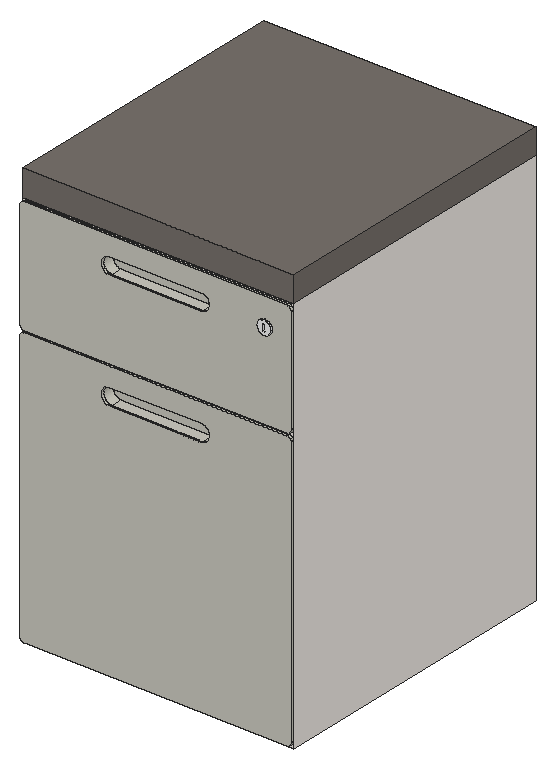
Revit family "Storage-Freestanding-Teknion-JNFPM-Mobile_Pedestal-R2018", category Furniture, Revit 2018
Family settings
  OmniClass Number = 23.40.20.00
  OmniClass Title = General Furniture and Specialties
  Work Plane-Based = No
  Always vertical = Yes
  Cut with Voids When Loaded = No
  Shared = Yes
  Room Calculation Point = No
Parameters (values of type "Metal with Pulls")
  Warranty = "http://www.teknion.com/ca/papers/legal-canada"
  Unit Weight URL = "http://www.teknion.com/ca/tools/assets#&asset=bee6a381-b954-425e-8283-5a2de3a804f2,f828d448-4b62-4231-9e5f-9a8991c0ed77"
  URL = "www.teknion.com"
  To render please download texture images found here [instance] = "https://assets.teknion.com/web/5e81352c1dfdb467/revit-material-swatches/"
  Sustainability Data = "https://www.teknion.com/ca/tools/assets#&topic=216f99a5-57a0-44fc-b10a-9dee9b29ae4c&asset=444deb64-fe58-4b68-981e-f75e97781df7,b4ff2d81-9f2e-437d-9659-7cffb09c31cf"
  Series = "Expansion Cityline"  # constant formula
  Seat Finish [instance] = Fabric-Teknion-RB12-Umber
  Pull Finish [instance] = Paint - Teknion - Foundation - Soft Gris
  Product Page URL = "https://www.teknion.com/ca/products/product-details?productlineid=9ad2a26e-8e7a-673b-a6c8-ff05004460c4"
  Product Line = "Expansion Cityline"  # constant formula
  Product Documentation Link = "https://www.teknion.com/pricing/expansion-cityline/pdfs/JNFPM_ppg.pdf"
  Part Number = "JNFPM"  # constant formula
  Model = "JNFPMNBF181623"
  Solid = no
  Metal = yes
  Manufacturer Phone = "416-661-3370"  # constant formula
  Manufacturer Fax = "416.661.4586"  # constant formula
  Manufacturer Contact Information = "http://www.teknion.com/ca/contactus"
  Manufacturer Address = "1150 Flint Road, Toronto, ON. M3J 2J5. Canada"  # constant formula
  Manufacturer = "Teknion"  # constant formula
  How To Use Teknion Materials User Guide [instance] = "https://assets.teknion.com/m/205dd0a49fa58060/original/How-to-add-a-Material-Library-and-Texture-Images-to-your-Revit-project.pdf"
  Has Seat Pad [instance] = yes
  Front Finish [instance] = Paint - Teknion - Foundation - Soft Gris
  For Additional Finishes please visit [instance] = "https://assets.teknion.com/m/44a8009b046e5d47/original/Teknion_Materials_Library.zip"
  Description = "Mobile Pedestal, Metal with Pulls Front Style, Box File Confiugration, 18\" Depth, 16\" Width, 23\" Height"
  Case Finish [instance] = Source Laminate - Teknion - 3G - Atrium White
  Assembly Code = "E2020200"
Types (3): name | Model | Solid | Metal | Front Finish | Description
  (no name) | "JNFPMNBF181623" | no | yes | Paint - Teknion - Foundation - Soft Gris | "Mobile Pedestal, Metal with Pulls Front Style, Box File Confiugration, 18\" Depth, 16\" Width, 23\" Height"
  Metal with Pulls | "JNFPMNBF181623" | no | yes | Paint - Teknion - Foundation - Soft Gris | "Mobile Pedestal, Metal with Pulls Front Style, Box File Confiugration, 18\" Depth, 16\" Width, 23\" Height"
  Solid with Pulls | "JNFPMTBF181623" | yes | no | Source Laminate - Teknion - 3G - Atrium White | "Mobile Pedestal, Solid with Pulls Front Style, Box File Confiugration, 18\" Depth, 16\" Width, 23\" Height"
Reference planes (in)
  plane 1 "Center Front/Back": y = 0
  plane 2: z = 0
  plane 3 "Center Left/Right": x = 0
  plane 4 "Left": x = -7.75
  plane 5 "Right": x = 7.75
  plane 6 "Back": y = 9
  plane 7 "Front": y = -9
  plane 8 "Top": z = 23
Forms (in)
  Sweep 1, solid, material "Source Laminate - Teknion - 3G - Atrium White" <- "Case Finish"
    path origin (0, 0, 0) x (1, 0, 0) y (0, 1, 0)
      loop
        line (0, 9) -> (0, -8.22047)
    profile origin (0, 0.38976, 0) x (1, 0, 0) y (0, 0, 1)
      loop
        line (-7.04921, 0.25197) -> (-7.04921, 2.37795) -> (7.04921, 2.37795) -> (7.04921, 0.25197) -> (7.75, 0.25197) -> (7.75, 23) -> (-7.75, 23) -> (-7.75, 0.25197) -> (-7.04921, 0.25197)
      loop
        line (7.04921, 3.3937) -> (7.04921, 22.29921) -> (-7.04921, 22.29921) -> (-7.04921, 3.3937) -> (7.04921, 3.3937)
  Sweep 2, solid, material "Source Laminate - Teknion - 3G - Atrium White" <- "Case Finish"
    path origin (0, 0, 0) x (1, 0, 0) y (0, 1, 0)
      loop
        line (0, 9) -> (0, 8.25984)
    profile origin (0, 8.62992, 0) x (1, 0, 0) y (0, 0, 1)
      loop
        line (-7.04921, 22.29921) -> (-7.04921, 3.3937) -> (7.04921, 3.3937) -> (7.04921, 22.29921) -> (-7.04921, 22.29921)
  Sweep 3, solid, material "Paint - Teknion - Foundation - Soft Gris" <- "Front Finish", visible <- "Solid"
    path origin (0, 0, 0) x (1, 0, 0) y (0, 1, 0)
      loop
        line (0, -8.29921) -> (0, -9)
    profile origin (0, -8.64961, 0) x (1, 0, 0) y (0, 0, 1)
      loop
        line (-7.75, 22.94094) -> (-7.75, 16.37008) -> (7.75, 16.37008) -> (7.75, 22.94094) -> (-7.75, 22.94094)
      loop
        line (7.75, 16.25197) -> (-7.75, 16.25197) -> (-7.75, 0.37008) -> (7.75, 0.37008) -> (7.75, 16.25197)
      loop
        line (2.6063, 21.90866) -> (-2.6063, 21.90866)
        arc (-2.6063, 21.90866) -> (-3.14882, 21.36614) -> (-2.6063, 20.82362) r 0.54252
        line (-2.6063, 20.82362) -> (2.6063, 20.82362)
        arc (2.6063, 20.82362) -> (3.14882, 21.36614) -> (2.6063, 21.90866) r 0.54252
      loop
        line (2.6063, 15.21969) -> (-2.6063, 15.21969)
        arc (-2.6063, 15.21969) -> (-3.14882, 14.67717) -> (-2.6063, 14.13465) r 0.54252
        line (-2.6063, 14.13465) -> (2.6063, 14.13465)
        arc (2.6063, 14.13465) -> (3.14882, 14.67717) -> (2.6063, 15.21969) r 0.54252
  Sweep 4, solid, material "Paint - Teknion - Foundation - Soft Gris" <- "Pull Finish", visible <- "Solid"
    path origin (0, 0, 0) x (1, 0, 0) y (0, 1, 0)
      loop
        line (0, -8.29921) -> (0, -9.03937)
    profile origin (0, -8.66929, 0) x (1, 0, 0) y (0, 0, 1)
      loop
        line (-2.6063, 20.82362) -> (2.6063, 20.82362)
        arc (2.6063, 20.82362) -> (3.14882, 21.36614) -> (2.6063, 21.90866) r 0.54252
        line (2.6063, 21.90866) -> (-2.6063, 21.90866)
        arc (-2.6063, 21.90866) -> (-3.14882, 21.36614) -> (-2.6063, 20.82362) r 0.54252
      loop
        line (-2.6063, 14.13465) -> (2.6063, 14.13465)
        arc (2.6063, 14.13465) -> (3.14882, 14.67717) -> (2.6063, 15.21969) r 0.54252
        line (2.6063, 15.21969) -> (-2.6063, 15.21969)
        arc (-2.6063, 15.21969) -> (-3.14882, 14.67717) -> (-2.6063, 14.13465) r 0.54252
      loop
        arc (-2.58611, 21.8122) -> (-3.0527, 21.37624) -> (-2.6063, 20.91962) r 0.44652
        line (-2.6063, 20.91962) -> (2.6063, 20.91962)
        arc (2.6063, 20.91962) -> (3.0527, 21.35604) -> (2.62649, 21.8122) r 0.44652
        line (2.62649, 21.8122) -> (-2.58611, 21.8122)
      loop
        arc (-2.6063, 15.12369) -> (-3.05282, 14.67717) -> (-2.6063, 14.23065) r 0.44652
        line (-2.6063, 14.23065) -> (2.6063, 14.23065)
        arc (2.6063, 14.23065) -> (3.05282, 14.67717) -> (2.6063, 15.12369) r 0.44652
        line (2.6063, 15.12369) -> (-2.6063, 15.12369)
  Sweep 5, solid, material "Paint - Teknion - Foundation - Soft Gris" <- "Pull Finish", visible <- "Solid"
    path origin (0, 0, 0) x (1, 0, 0) y (0, 1, 0)
      loop
        line (0, -8.29921) -> (0, -8.37795)
    profile origin (0, -8.33858, 0) x (1, 0, 0) y (0, 0, 1)
      loop
        line (-2.6063, 20.82362) -> (2.6063, 20.82362)
        arc (2.6063, 20.82362) -> (3.14882, 21.36614) -> (2.6063, 21.90866) r 0.54252
        line (2.6063, 21.90866) -> (-2.6063, 21.90866)
        arc (-2.6063, 21.90866) -> (-3.14882, 21.36614) -> (-2.6063, 20.82362) r 0.54252
      loop
        line (-2.6063, 14.13465) -> (2.6063, 14.13465)
        arc (2.6063, 14.13465) -> (3.14882, 14.67717) -> (2.6063, 15.21969) r 0.54252
        line (2.6063, 15.21969) -> (-2.6063, 15.21969)
        arc (-2.6063, 15.21969) -> (-3.14882, 14.67717) -> (-2.6063, 14.13465) r 0.54252
  Sweep 6, solid, material "Metal - Teknion - C6 - Chrome", visible <- "Solid"
    path origin (0, 0, 0) x (1, 0, 0) y (0, 1, 0)
      loop
        line (0, -9) -> (0, -9.05906)
    profile origin (0, -9.02953, 0) x (1, 0, 0) y (0, 0, 1)
      loop
        line (6.18504, 21.17913) -> (6.28346, 21.17913) -> (6.28346, 21.55315) -> (6.18504, 21.55315) -> (6.18504, 21.17913)
      loop
        circle (6.23425, 21.36614) r 0.39466
  Sweep 7, solid, material "Plastic - Teknion - E - Ebony"
    path origin (0, 0, 0) x (1, 0, 0) y (0, 0, 1)
      loop
        line (0, 2.37795) -> (0, 1.37795)
    profile origin (0, 0, 1.87795) x (0, -1, 0) y (1, 0, 0)
      loop
        circle (-6.6379, -5.02165) r 0.27571
      loop
        circle (-6.6379, 5.02165) r 0.27571
      loop
        circle (5.85837, -5.02165) r 0.27571
      loop
        circle (5.85837, 5.02165) r 0.27571
      loop
        circle (7.72431, 0) r 0.27571
  Sweep 8, solid, material "Plastic - Teknion - E - Ebony"
    path origin (0, 0, 0) x (1, 0, 0) y (0, 1, 0)
      loop
        line (-5.93701, 0) -> (-4.1063, 0)
    profile origin (-5.02165, 0, 0) x (0, 1, 0) y (0, 0, 1)
      loop
        circle (7.12598, 0.96399) r 0.96439
      loop
        circle (-6.34646, 0.96399) r 0.96439
  Sweep 9, solid, material "Plastic - Teknion - E - Ebony"
    path origin (0, 0, 0) x (1, 0, 0) y (0, 1, 0)
      loop
        line (4.1063, 0) -> (5.93701, 0)
    profile origin (5.02165, 0, 0) x (0, 1, 0) y (0, 0, 1)
      loop
        circle (7.12598, 0.96399) r 0.96439
      loop
        circle (-6.34646, 0.96399) r 0.96439
  Sweep 10, solid, material "Plastic - Teknion - E - Ebony"
    path origin (0, 0, 0) x (1, 0, 0) y (0, 1, 0)
      loop
        line (-0.91535, 0) -> (0.91535, 0)
    profile origin (0, 0, 0) x (0, 1, 0) y (0, 0, 1)
      loop
        circle (-7.23622, 0.96315) r 0.96413
  Sweep 11, void
    path origin (0, 0, 0) x (1, 0, 0) y (0, 1, 0)
      loop
        line (0, -8.22047) -> (0, 9)
    profile origin (0, 0.38976, 0) x (-1, 0, 0) y (0, 0, 1)
      loop
        line (0.43307, 0.66929) -> (-0.43307, 0.66929) -> (-0.43307, -0.36579) -> (0.43307, -0.36579) -> (0.43307, 0.66929)
      loop
        line (-4.58858, 0.66929) -> (-5.45472, 0.66929) -> (-5.45472, -0.36579) -> (-4.58858, -0.36579) -> (-4.58858, 0.66929)
      loop
        line (5.45472, 0.66929) -> (4.58858, 0.66929) -> (4.58858, -0.36579) -> (5.45472, -0.36579) -> (5.45472, 0.66929)
  Sweep 12, solid, material "Paint - Teknion - Foundation - Soft Gris" <- "Front Finish", visible <- "Metal"
    path origin (0, 0, 0) x (1, 0, 0) y (0, 1, 0)
      loop
        line (0, -8.29921) -> (0, -8.41732)
    profile origin (0, -8.35827, 0) x (1, 0, 0) y (0, 0, 1)
      loop
        arc (-2.59843, 21.85827) -> (-3.09055, 21.36614) -> (-2.59843, 20.87402) r 0.49213
        line (-2.59843, 20.87402) -> (2.59843, 20.87402)
        arc (2.59843, 20.87402) -> (3.09055, 21.36614) -> (2.59843, 21.85827) r 0.49213
        line (2.59843, 21.85827) -> (-2.59843, 21.85827)
      loop
        arc (2.59843, 14.18504) -> (3.09055, 14.67717) -> (2.59843, 15.16929) r 0.49213
        line (2.59843, 15.16929) -> (-2.59843, 15.16929)
        arc (-2.59843, 15.16929) -> (-3.09055, 14.67717) -> (-2.59843, 14.18504) r 0.49213
        line (-2.59843, 14.18504) -> (2.59843, 14.18504)
      loop
        line (7.5, 22.94094) -> (-7.5, 22.94094)
        arc (-7.5, 22.94094) -> (-7.67677, 22.86772) -> (-7.75, 22.69094) r 0.25
        line (-7.75, 22.69094) -> (-7.75, 16.62008)
        arc (-7.75, 16.62008) -> (-7.67677, 16.4433) -> (-7.5, 16.37008) r 0.25
        line (-7.5, 16.37008) -> (7.5, 16.37008)
        arc (7.5, 16.37008) -> (7.67677, 16.4433) -> (7.75, 16.62008) r 0.25
        line (7.75, 16.62008) -> (7.75, 22.69094)
        arc (7.75, 22.69094) -> (7.67677, 22.86772) -> (7.5, 22.94094) r 0.25
      loop
        line (7.5, 16.25197) -> (-7.5, 16.25197)
        arc (-7.5, 16.25197) -> (-7.67677, 16.17875) -> (-7.75, 16.00197) r 0.25
        line (-7.75, 16.00197) -> (-7.75, 0.62008)
        arc (-7.75, 0.62008) -> (-7.67677, 0.4433) -> (-7.5, 0.37008) r 0.25
        line (-7.5, 0.37008) -> (7.5, 0.37008)
        arc (7.5, 0.37008) -> (7.67677, 0.4433) -> (7.75, 0.62008) r 0.25
        line (7.75, 0.62008) -> (7.75, 16.00197)
        arc (7.75, 16.00197) -> (7.67677, 16.17875) -> (7.5, 16.25197) r 0.25
  Sweep 13, solid, material "Paint - Teknion - Foundation - Soft Gris" <- "Pull Finish", visible <- "Metal"
    path origin (0, 0, 0) x (1, 0, 0) y (0, 1, 0)
      loop
        line (0, -8.29921) -> (0, -7.55906)
    profile origin (0, -7.92913, 0) x (-1, 0, 0) y (0, 0, 1)
      loop
        arc (2.59843, 14.18504) -> (3.09055, 14.67717) -> (2.59843, 15.16929) r 0.49213
        line (2.59843, 15.16929) -> (-2.59843, 15.16929)
        arc (-2.59843, 15.16929) -> (-3.09055, 14.67717) -> (-2.59843, 14.18504) r 0.49213
        line (-2.59843, 14.18504) -> (2.59843, 14.18504)
      loop
        line (2.59843, 15.26575) -> (-2.59843, 15.26575)
        arc (-2.59843, 15.26575) -> (-3.18701, 14.67717) -> (-2.59843, 14.08858) r 0.58858
        line (-2.59843, 14.08858) -> (2.59843, 14.08858)
        arc (2.59843, 14.08858) -> (3.18701, 14.67717) -> (2.59843, 15.26575) r 0.58858
      loop
        arc (2.59843, 20.87402) -> (3.09055, 21.36614) -> (2.59843, 21.85827) r 0.49213
        line (2.59843, 21.85827) -> (-2.59843, 21.85827)
        arc (-2.59843, 21.85827) -> (-3.09055, 21.36614) -> (-2.59843, 20.87402) r 0.49213
        line (-2.59843, 20.87402) -> (2.59843, 20.87402)
      loop
        line (-2.59843, 20.77756) -> (2.59843, 20.77756)
        arc (2.59843, 20.77756) -> (3.18701, 21.36614) -> (2.59843, 21.95472) r 0.58858
        line (2.59843, 21.95472) -> (-2.59843, 21.95472)
        arc (-2.59843, 21.95472) -> (-3.18701, 21.36614) -> (-2.59843, 20.77756) r 0.58858
  Sweep 14, solid, material "Paint - Teknion - Foundation - Soft Gris" <- "Pull Finish", visible <- "Metal"
    path origin (0, 0, 0) x (1, 0, 0) y (0, 1, 0)
      loop
        line (0, -7.55906) -> (0, -7.6378)
    profile origin (0, -7.59843, 0) x (1, 0, 0) y (0, 0, 1)
      loop
        line (2.59843, 15.26575) -> (-2.59843, 15.26575)
        arc (-2.59843, 15.26575) -> (-3.18701, 14.67717) -> (-2.59843, 14.08858) r 0.58858
        line (-2.59843, 14.08858) -> (2.59843, 14.08858)
        arc (2.59843, 14.08858) -> (3.18701, 14.67717) -> (2.59843, 15.26575) r 0.58858
      loop
        line (-2.59843, 20.77756) -> (2.59843, 20.77756)
        arc (2.59843, 20.77756) -> (3.18701, 21.36614) -> (2.59843, 21.95472) r 0.58858
        line (2.59843, 21.95472) -> (-2.59843, 21.95472)
        arc (-2.59843, 21.95472) -> (-3.18701, 21.36614) -> (-2.59843, 20.77756) r 0.58858
  Sweep 15, solid, material "Metal - Teknion - C6 - Chrome", visible <- "Metal"
    path origin (0, 0, 0) x (1, 0, 0) y (0, 1, 0)
      loop
        line (0, -8.47638) -> (0, -8.41732)
    profile origin (0, -8.44685, 0) x (-1, 0, 0) y (0, 0, 1)
      loop
        circle (-6.23425, 21.36614) r 0.39466
      loop
        line (-6.18504, 21.17913) -> (-6.18504, 21.55315) -> (-6.28346, 21.55315) -> (-6.28346, 21.17913) -> (-6.18504, 21.17913)
  Sweep 16, solid, material "Fabric-Teknion-RB12-Umber" <- "Seat Finish", visible <- "Has Seat Pad"
    path origin (0, 0, 0) x (1, 0, 0) y (0, 0, 1)
      loop
        line (0, 23) -> (0, 24.5)
    profile origin (0, 0, 23.75) x (-1, 0, 0) y (0, -1, 0)
      loop
        line (7.75, -9) -> (7.75, 8.22047) -> (-7.75, 8.22047) -> (-7.75, -9) -> (7.75, -9)
Cuts and joins
  joined: Sweep 1, Sweep 2
  joined: Sweep 4, Sweep 5
  Sweep 11 cuts Sweep 7
  Sweep 11 cuts Sweep 8
  Sweep 11 cuts Sweep 9
  Sweep 11 cuts Sweep 10
  joined: Sweep 7, Sweep 8, Sweep 9, Sweep 10
  joined: Sweep 13, Sweep 14
Lines and regions (in)
  Masking region 1
    outline origin (0, 0, 0) x (1, 0, 0) y (0, 1, 0)
      loop
        line (-7.75, 9) -> (-7.75, -8.22047) -> (7.75, -8.22047) -> (7.75, 9) -> (-7.75, 9)
  Masking region 2, visible <- "Metal"
    outline origin (0, 0, 0) x (1, 0, 0) y (0, 1, 0)
      loop
        line (-7.75, -8.29921) -> (-7.75, -8.41732) -> (7.75, -8.41732) -> (7.75, -8.29921) -> (-7.75, -8.29921)
  Masking region 3, visible <- "Solid"
    outline origin (0, 0, 0) x (1, 0, 0) y (0, 1, 0)
      loop
        line (-7.75, -8.29921) -> (-7.75, -9) -> (7.75, -9) -> (7.75, -8.29921) -> (-7.75, -8.29921)
  Masking region 4, visible <- "Metal"
    outline origin (0, 0, 0) x (1, 0, 0) y (0, 1, 0)
      loop
        line (5.83959, -8.47638) -> (6.62891, -8.47638) -> (6.62891, -8.41732) -> (5.83959, -8.41732) -> (5.83959, -8.47638)
  Masking region 5, visible <- "Solid"
    outline origin (0, 0, 0) x (1, 0, 0) y (0, 1, 0)
      loop
        line (5.83959, -9) -> (5.83959, -9.05906) -> (6.62891, -9.05906) -> (6.62891, -9) -> (5.83959, -9)
  symbolic lines, style "FurnitureHiddenLines", detail levels medium+fine
    curve 1: line (-7.04921, 9, 0) -> (-7.04921, -8.22047, 0)
    curve 2: line (7.04921, 9, 0) -> (7.04921, -8.22047, 0)
    curve 3: line (-7.04921, 8.25984, 0) -> (7.04921, 8.25984, 0)
    curve 4: line (-5.93701, 8.09037, 0) -> (-4.1063, 8.09037, 0)
    curve 5: line (-5.93701, 6.16159, 0) -> (-5.93701, 8.09037, 0)
    curve 6: line (-4.1063, 6.16159, 0) -> (-5.93701, 6.16159, 0)
    curve 7: line (-4.1063, 8.09037, 0) -> (-4.1063, 6.16159, 0)
    curve 8: line (4.1063, 8.09037, 0) -> (5.93701, 8.09037, 0)
    curve 9: line (4.1063, 6.16159, 0) -> (4.1063, 8.09037, 0)
    curve 10: line (5.93701, 6.16159, 0) -> (4.1063, 6.16159, 0)
    curve 11: line (5.93701, 8.09037, 0) -> (5.93701, 6.16159, 0)
    curve 12: line (-5.93701, -5.38207, 0) -> (-4.1063, -5.38207, 0)
    curve 13: line (-5.93701, -7.31085, 0) -> (-5.93701, -5.38207, 0)
    curve 14: line (-4.1063, -7.31085, 0) -> (-5.93701, -7.31085, 0)
    curve 15: line (-4.1063, -5.38207, 0) -> (-4.1063, -7.31085, 0)
    curve 16: line (-0.91535, -6.27209, 0) -> (0.91535, -6.27209, 0)
    curve 17: line (-0.91535, -8.20036, 0) -> (-0.91535, -6.27209, 0)
    curve 18: line (0.91535, -8.20036, 0) -> (-0.91535, -8.20036, 0)
    curve 19: line (0.91535, -6.27209, 0) -> (0.91535, -8.20036, 0)
    curve 20: line (4.1063, -5.38207, 0) -> (5.93701, -5.38207, 0)
    curve 21: line (4.1063, -7.31085, 0) -> (4.1063, -5.38207, 0)
    curve 22: line (5.93701, -7.31085, 0) -> (4.1063, -7.31085, 0)
    curve 23: line (5.93701, -5.38207, 0) -> (5.93701, -7.31085, 0)
  symbolic lines, style "FurnitureHiddenLines", detail levels fine
    curve 24: line (-5.45472, 8.04424, 0) -> (-4.58858, 8.04424, 0)
    curve 25: line (-5.45472, 6.20772, 0) -> (-5.45472, 8.04424, 0)
    curve 26: line (-4.58858, 6.20772, 0) -> (-5.45472, 6.20772, 0)
    curve 27: line (-4.58858, 8.04424, 0) -> (-4.58858, 6.20772, 0)
    curve 28: line (4.58858, 8.04424, 0) -> (5.45472, 8.04424, 0)
    curve 29: line (4.58858, 6.20772, 0) -> (4.58858, 8.04424, 0)
    curve 30: line (5.45472, 6.20772, 0) -> (4.58858, 6.20772, 0)
    curve 31: line (5.45472, 8.04424, 0) -> (5.45472, 6.20772, 0)
    curve 32: line (-5.45472, -5.4282, 0) -> (-4.58858, -5.4282, 0)
    curve 33: line (-5.45472, -7.26472, 0) -> (-5.45472, -5.4282, 0)
    curve 34: line (-4.58858, -7.26472, 0) -> (-5.45472, -7.26472, 0)
    curve 35: line (-4.58858, -5.4282, 0) -> (-4.58858, -7.26472, 0)
    curve 36: line (-0.43307, -6.31796, 0) -> (0.43307, -6.31796, 0)
    curve 37: line (-0.43307, -8.15448, 0) -> (-0.43307, -6.31796, 0)
    curve 38: line (0.43307, -8.15448, 0) -> (-0.43307, -8.15448, 0)
    curve 39: line (0.43307, -6.31796, 0) -> (0.43307, -8.15448, 0)
    curve 40: line (4.58858, -5.4282, 0) -> (5.45472, -5.4282, 0)
    curve 41: line (4.58858, -7.26472, 0) -> (4.58858, -5.4282, 0)
    curve 42: line (5.45472, -7.26472, 0) -> (4.58858, -7.26472, 0)
    curve 43: line (5.45472, -5.4282, 0) -> (5.45472, -7.26472, 0)
    curve 44: arc (-5.02165, 6.91361, 0) -> (-5.29737, 6.6379, 0) -> (-5.02165, 6.36219, 0) r 0.27571
    curve 45: arc (-5.02165, 6.36219, 0) -> (-4.74594, 6.6379, 0) -> (-5.02165, 6.91361, 0) r 0.27571
    curve 46: arc (5.02165, 6.91361, 0) -> (4.74594, 6.6379, 0) -> (5.02165, 6.36219, 0) r 0.27571
    curve 47: arc (5.02165, 6.36219, 0) -> (5.29737, 6.6379, 0) -> (5.02165, 6.91361, 0) r 0.27571
    curve 48: arc (-5.02165, -5.58266, 0) -> (-5.29737, -5.85837, 0) -> (-5.02165, -6.13409, 0) r 0.27571
    curve 49: arc (-5.02165, -6.13409, 0) -> (-4.74594, -5.85837, 0) -> (-5.02165, -5.58266, 0) r 0.27571
    curve 50: arc (0, -7.44859, 0) -> (-0.27571, -7.72431, 0) -> (0, -8.00002, 0) r 0.27571
    curve 51: arc (0, -8.00002, 0) -> (0.27571, -7.72431, 0) -> (0, -7.44859, 0) r 0.27571
    curve 52: arc (5.02165, -5.58266, 0) -> (4.74594, -5.85837, 0) -> (5.02165, -6.13409, 0) r 0.27571
    curve 53: arc (5.02165, -6.13409, 0) -> (5.29737, -5.85837, 0) -> (5.02165, -5.58266, 0) r 0.27571
  symbolic lines, style "FurnitureHiddenLines", visible <- "Metal", detail levels medium+fine
    curve 54: line (-3.18701, -8.29921, 0) -> (-3.18701, -7.55906, 0)
    curve 55: line (-3.18701, -7.55906, 0) -> (3.18701, -7.55906, 0)
    curve 56: line (3.18701, -7.55906, 0) -> (3.18701, -8.29921, 0)
  symbolic lines, style "FurnitureHiddenLines", visible <- "Metal", detail levels fine
    curve 57: line (3.09055, -8.37795, 0) -> (3.09055, -7.6378, 0)
    curve 58: line (3.09055, -7.6378, 0) -> (-3.09055, -7.6378, 0)
    curve 59: line (-3.09055, -7.6378, 0) -> (-3.09055, -8.41732, 0)
  symbolic lines, style "FurnitureHiddenLines", visible <- "Solid", detail levels medium+fine
    curve 60: line (-3.14882, -9.03937, 0) -> (-3.14882, -8.29921, 0)
    curve 61: line (3.14882, -9.03937, 0) -> (3.14882, -8.29921, 0)
    curve 62: line (3.14882, -9.03937, 0) -> (-3.14882, -9.03937, 0)
  symbolic lines, style "FurnitureHiddenLines", visible <- "Solid", detail levels fine
    curve 63: line (-3.05282, -8.37795, 0) -> (-3.05282, -9.03937, 0)
    curve 64: line (-3.05282, -8.37795, 0) -> (3.05282, -8.37795, 0)
    curve 65: line (3.05282, -8.37795, 0) -> (3.05282, -9.03937, 0)
Dimensions and locks (in)
  plane 4 "Left" to plane 5 "Right" = 15.500"
  plane 6 "Back" to plane 7 "Front" = 18.000"
  plane 8 "Top" to level = 23.000"
  equal spacing: plane 6 "Back", plane 1 "Center Front/Back", plane 7 "Front"
  equal spacing: plane 4 "Left", plane 3 "Center Left/Right", plane 5 "Right"
  locked: plane 7 "Front" to Sweep 1 sketch curve at 0.77953
  Sweep 1 sketch curve to Sweep 1 sketch curve to Sweep 1 sketch curve to Sweep 1 sketch curve to Sweep 1 sketch curve to Sweep 1 sketch curve to level = 0.70079" locked, 18.90551" locked, 1.01575" locked, 2.12598" locked, 0.000" locked, 0.25197" locked
  Sweep 1 sketch curve to Sweep 1 sketch curve to plane 4 "Left" = 0.000" locked, 0.70079" locked
  Sweep 1 sketch curve to Sweep 1 sketch curve to plane 5 "Right" = 0.000" locked, 0.70079" locked
  locked: plane 6 "Back" to Sweep 2 sketch curve at 0.74016
  Sweep 2 sketch curve to Sweep 2 sketch curve to level = 18.90551" locked, 3.3937" locked
  locked: Sweep 2 sketch curve to plane 4 "Left" at 0.70079
  locked: Sweep 2 sketch curve to plane 5 "Right" at 0.70079
  plane 7 "Front" to Sweep 3 sketch curve to Sweep 3 sketch curve = 0.000" locked, 0.70079" locked
  Sweep 3 sketch curve to Sweep 3 sketch curve to Sweep 3 sketch curve to Sweep 3 sketch curve to level = 6.57087" locked, 0.11811" locked, 15.88189" locked, 0.37008" locked
  Sweep 4 sketch curve to plane 7 "Front" to Sweep 4 sketch curve = 0.03937" locked, 0.70079" locked
  Sweep 4 sketch curve to Sweep 4 sketch curve to Sweep 4 sketch curve to Sweep 4 sketch curve to Sweep 4 sketch curve to Sweep 4 sketch curve to Sweep 4 sketch curve to Sweep 4 sketch curve to level = 0.09646" locked, 0.89258" locked, 0.096" locked, 5.60394" locked, 0.096" locked, 0.89304" locked, 0.096" locked, 14.13465" locked
  Sweep 4 sketch curve to Sweep 4 sketch curve to Sweep 4 sketch curve to Sweep 4 sketch curve to Sweep 4 sketch curve to Sweep 4 sketch curve to Sweep 4 sketch curve to Sweep 4 sketch curve to plane 3 "Center Left/Right" to Sweep 4 sketch curve to Sweep 4 sketch curve to Sweep 4 sketch curve to Sweep 4 sketch curve to Sweep 4 sketch curve to Sweep 4 sketch curve to Sweep 4 sketch curve to Sweep 4 sketch curve = 0.02019" locked, 0.000" locked, 0.000" locked, 0.000" locked, 0.000" locked, 0.000" locked, 0.000" locked, 2.6063" locked, 2.58611" locked, 0.02019" locked, 0.000" locked, 0.000" locked, 0.000" locked, 0.000" locked, 0.000" locked, 0.000" locked
  plane 7 "Front" to Sweep 5 sketch curve to Sweep 5 sketch curve = 0.62205" locked, 0.07874" locked
  Sweep 5 sketch curve to Sweep 5 sketch curve to Sweep 5 sketch curve to Sweep 5 sketch curve to plane 3 "Center Left/Right" to Sweep 5 sketch curve to Sweep 5 sketch curve to Sweep 5 sketch curve to Sweep 5 sketch curve = 0.000" locked, 0.000" locked, 0.000" locked, 2.6063" locked, 2.6063" locked, 0.000" locked, 0.000" locked, 0.000" locked
  Sweep 5 sketch curve to Sweep 5 sketch curve to Sweep 5 sketch curve to Sweep 5 sketch curve to level = 1.08504" locked, 5.60394" locked, 1.08504" locked, 14.13465" locked
  Sweep 6 sketch curve to plane 7 "Front" to Sweep 6 sketch curve = 0.05906" locked, 0.000" locked
  Sweep 6 sketch curve to Sweep 6 sketch curve to Sweep 6 sketch curve to level = 0.18701" locked, 0.18701" locked, 21.17913" locked
  Sweep 6 sketch curve to Sweep 6 sketch curve to Sweep 6 sketch curve to plane 5 "Right" = 0.04921" locked, 0.04921" locked, 1.46654" locked
  Sweep 7 sketch curve to Sweep 7 sketch curve to level = 1.000" locked, 1.37795" locked
  Sweep 8 sketch curve to Sweep 8 sketch curve to plane 3 "Center Left/Right" = 1.83071" locked, 4.1063" locked
  plane 3 "Center Left/Right" to Sweep 9 sketch curve to Sweep 9 sketch curve = 4.1063" locked, 1.83071" locked
  Sweep 10 sketch curve to plane 3 "Center Left/Right" to Sweep 10 sketch curve = 0.91535" locked, 0.91535" locked
  locked: plane 7 "Front" to Sweep 11 sketch curve at 0.77953
  Sweep 11 sketch curve to Sweep 11 sketch curve to Sweep 11 sketch curve to plane 3 "Center Left/Right" to Sweep 11 sketch curve to Sweep 11 sketch curve to Sweep 11 sketch curve = 0.86614" locked, 4.15551" locked, 0.43307" locked, 0.43307" locked, 4.15551" locked, 0.86614" locked
  level to Sweep 11 sketch curve to Sweep 11 sketch curve to Sweep 11 sketch curve = 0.36579" locked, 0.000" locked, 0.000" locked
  Sweep 12 sketch curve to Sweep 12 sketch curve to plane 7 "Front" = 0.11811" locked, 0.58268" locked
  Sweep 13 sketch curve to Sweep 13 sketch curve to plane 7 "Front" = 0.74016" locked, 0.70079" locked
  Sweep 14 sketch curve to Sweep 14 sketch curve to plane 7 "Front" = 0.07874" locked, 1.3622" locked
  Sweep 15 sketch curve to Sweep 15 sketch curve to plane 7 "Front" = 0.05906" locked, 0.52362" locked
  locked: Sweep 16 sketch curve to plane 8 "Top" at 1.5
  aligned and locked: level to plane 2
  aligned and locked: plane 6 "Back" to Sweep 1 sketch curve
  aligned and locked: Sweep 1 sketch curve to plane 3 "Center Left/Right"
  aligned and locked: Sweep 1 sketch curve to plane 4 "Left"
  aligned and locked: Sweep 1 sketch curve to plane 5 "Right"
  aligned and locked: plane 6 "Back" to Sweep 2 sketch curve
  aligned and locked: Sweep 2 sketch curve to plane 3 "Center Left/Right"
  aligned and locked: Sweep 3 sketch curve to plane 3 "Center Left/Right"
  aligned and locked: plane 4 "Left" to Sweep 3 sketch curve
  aligned and locked: Sweep 3 sketch curve to plane 4 "Left"
  aligned and locked: plane 5 "Right" to Sweep 3 sketch curve
  aligned and locked: Sweep 3 sketch curve to plane 5 "Right"
  aligned and locked: Sweep 4 sketch curve to plane 3 "Center Left/Right"
  aligned and locked: Sweep 5 sketch curve to plane 3 "Center Left/Right"
  aligned and locked: Sweep 6 sketch curve to plane 3 "Center Left/Right"
  aligned and locked: Sweep 7 sketch curve to plane 3 "Center Left/Right"
  aligned and locked: plane 1 "Center Front/Back" to Sweep 8 sketch curve
  aligned and locked: plane 1 "Center Front/Back" to Sweep 9 sketch curve
  aligned and locked: plane 1 "Center Front/Back" to Sweep 10 sketch curve
  aligned and locked: plane 6 "Back" to Sweep 11 sketch curve
  aligned and locked: plane 3 "Center Left/Right" to Sweep 11 sketch curve
  aligned and locked: Sweep 12 sketch curve to plane 3 "Center Left/Right"
  aligned and locked: plane 3 "Center Left/Right" to Sweep 13 sketch curve
  aligned and locked: Sweep 14 sketch curve to plane 3 "Center Left/Right"
  aligned and locked: plane 3 "Center Left/Right" to Sweep 15 sketch curve
  aligned and locked: plane 8 "Top" to Sweep 16 sketch curve
  aligned and locked: Sweep 16 sketch curve to plane 6 "Back"
  aligned and locked: plane 4 "Left" to Sweep 16 sketch curve
  aligned and locked: Sweep 16 sketch curve to cut or joined group of Sweep 1, Sweep 2  (x2)
Automatic sketch dimensions
  profile plane to Sweep 3 sketch curve = 2.6063"  (x2)
  Sweep 3 sketch curve to profile plane = 2.6063"  (x2)
  Sweep 3 sketch curve to Sweep 3 sketch curve = 2.11732"  (x2)
  Sweep 3 sketch curve to Sweep 3 sketch curve = 0.54252"  (x2)
  Sweep 7 sketch curve to profile plane = 0.000"
  Sweep 7 sketch curve to plane 1 "Center Front/Back" = 6.6379"  (x2)
  plane 1 "Center Front/Back" to Sweep 7 sketch curve = 5.85837"  (x2)
  Sweep 7 sketch curve to Sweep 7 sketch curve = 1.86593"
  profile plane to Sweep 7 sketch curve = 5.02165"  (x2)
  Sweep 7 sketch curve to profile plane = 5.02165"  (x2)
  level to Sweep 8 sketch curve = 0.96399"  (x2)
  profile plane to Sweep 8 sketch curve = 6.34646"
  Sweep 8 sketch curve to profile plane = 7.12598"
  level to Sweep 9 sketch curve = 0.96399"  (x2)
  profile plane to Sweep 9 sketch curve = 6.34646"
  Sweep 9 sketch curve to profile plane = 7.12598"
  level to Sweep 10 sketch curve = 0.96315"
  profile plane to Sweep 10 sketch curve = 7.23622"
  level to Sweep 11 sketch curve = 0.66929"  (x3)
  profile plane to Sweep 12 sketch curve = 7.750"
  Sweep 12 sketch curve to Sweep 12 sketch curve = 0.000"  (x2)
  Sweep 12 sketch curve to Sweep 12 sketch curve = 0.250"  (x6)
  profile plane to Sweep 12 sketch curve = 2.59843"  (x2)
  Sweep 12 sketch curve to profile plane = 2.59843"  (x2)
  level to Sweep 12 sketch curve = 0.37008"
  Sweep 12 sketch curve to profile plane = 7.500"
  Sweep 12 sketch curve to Sweep 12 sketch curve = 4.90157"  (x2)
  level to Sweep 12 sketch curve = 14.18504"
  Sweep 12 sketch curve to Sweep 12 sketch curve = 0.49213"  (x2)
  Sweep 12 sketch curve to Sweep 12 sketch curve = 0.83268"  (x2)
  Sweep 12 sketch curve to Sweep 12 sketch curve = 0.11811"
  Sweep 12 sketch curve to Sweep 12 sketch curve = 5.70472"
  Sweep 13 sketch curve to Sweep 13 sketch curve = 0.000"  (x6)
  profile plane to Sweep 13 sketch curve = 2.59843"  (x2)
  Sweep 13 sketch curve to profile plane = 2.59843"  (x2)
  level to Sweep 13 sketch curve = 14.08858"
  Sweep 13 sketch curve to Sweep 13 sketch curve = 0.09646"  (x2)
  Sweep 13 sketch curve to Sweep 13 sketch curve = 0.49213"  (x2)
  Sweep 13 sketch curve to Sweep 13 sketch curve = 5.51181"
  profile plane to Sweep 14 sketch curve = 2.59843"  (x2)
  Sweep 14 sketch curve to profile plane = 2.59843"  (x2)
  level to Sweep 14 sketch curve = 14.08858"
  Sweep 14 sketch curve to Sweep 14 sketch curve = 0.58858"  (x2)
  Sweep 14 sketch curve to Sweep 14 sketch curve = 5.51181"
  profile plane to Sweep 15 sketch curve = 6.23425"
  level to Sweep 15 sketch curve = 21.36614"
  Sweep 15 sketch curve to Sweep 15 sketch curve = 0.39466"
  Sweep 15 sketch curve to Sweep 15 sketch curve = 0.04921"
  Sweep 15 sketch curve to Sweep 15 sketch curve = 0.09843"
  Sweep 15 sketch curve to Sweep 15 sketch curve = 0.18701"  (x2)
  Masking region 1 sketch curve to plane 4 "Left" = 0.000"
  Masking region 1 sketch curve to plane 5 "Right" = 0.000"
  Masking region 1 sketch curve to plane 6 "Back" = 0.000"
  Masking region 1 sketch curve to plane 7 "Front" = 0.77953"
  plane 4 "Left" to Masking region 2 sketch curve = 0.000"
  plane 5 "Right" to Masking region 2 sketch curve = 0.000"
  Masking region 2 sketch curve to plane 7 "Front" = 0.58268"
  Masking region 2 sketch curve to Masking region 2 sketch curve = 0.11811"
  Masking region 3 sketch curve to plane 4 "Left" = 0.000"
  Masking region 3 sketch curve to plane 5 "Right" = 0.000"
  Masking region 3 sketch curve to plane 7 "Front" = 0.000"
  Masking region 3 sketch curve to Masking region 3 sketch curve = 0.70079"
  Masking region 4 sketch curve to plane 7 "Front" = 0.58268"
  plane 5 "Right" to Masking region 4 sketch curve = 1.91041"
  Masking region 4 sketch curve to Masking region 4 sketch curve = 0.78932"
  Masking region 4 sketch curve to Masking region 4 sketch curve = 0.05906"
  curve 1 to plane 6 "Back" = 0.000"
  curve 50 to plane 3 "Center Left/Right" = 0.000"
  curve 2 to plane 6 "Back" = 0.000"
  curve 36 to plane 3 "Center Left/Right" = 0.43307"
  curve 17 to curve 36 = 0.48228"
  curve 64 to plane 7 "Front" = 0.62205"
  curve 64 to curve 17 = 2.13746"
  curve 59 to curve 63 = 0.03773"
  plane 7 "Front" to curve 60 = 0.03937"
  curve 60 to curve 63 = 0.096"
  curve 54 to curve 58 = 0.09646"
  curve 4 to plane 6 "Back" = 0.90963"
  plane 4 "Left" to curve 4 = 3.6437"
  curve 14 to curve 54 = 0.91929"
  curve 32 to curve 12 = 0.48228"
  curve 26 to curve 6 = 0.48228"
  curve 48 to curve 32 = 0.43307"
  curve 44 to curve 26 = 0.43307"
  curve 25 to curve 24 = 0.86614"
  curve 34 to curve 34 = 0.86614"
  curve 12 to curve 32 = 0.48228"
  curve 5 to curve 24 = 0.48228"
  plane 3 "Center Left/Right" to curve 38 = 0.43307"
  curve 36 to curve 19 = 0.48228"
  curve 18 to curve 64 = 2.13746"
  curve 57 to curve 62 = 0.05827"
  curve 57 to curve 56 = 0.09646"
  curve 55 to curve 21 = 0.91929"
  plane 5 "Right" to curve 10 = 3.6437"
  curve 20 to curve 41 = 0.48228"
  curve 8 to curve 28 = 0.48228"
  curve 40 to curve 52 = 0.43307"
  curve 29 to curve 47 = 0.43307"
  curve 46 to curve 31 = 0.43307"
  curve 52 to curve 40 = 0.43307"
  curve 42 to curve 22 = 0.48228"
  curve 30 to curve 10 = 0.48228"
  curve 18 to plane 7 "Front" = 0.79964"
  curve 17 to curve 38 = 0.04587"
  curve 37 to curve 50 = 0.43018"
  curve 63 to curve 59 = 0.74015"
  curve 57 to curve 55 = 0.07874"
  curve 55 to curve 21 = 0.24821"
  curve 13 to plane 7 "Front" = 1.68915"
  curve 21 to curve 41 = 0.04613"
  curve 14 to curve 34 = 0.04613"
  curve 50 to curve 37 = 1.40634"
  curve 36 to curve 17 = 0.04587"
  curve 33 to curve 48 = 1.40634"
  curve 42 to curve 53 = 1.40634"
  curve 48 to curve 33 = 0.43018"
  curve 52 to curve 40 = 0.43018"
  curve 40 to curve 21 = 0.04613"
  curve 32 to curve 13 = 0.04613"
  curve 6 to curve 4 = 1.92878"
  curve 10 to plane 6 "Back" = 2.83841"
  curve 5 to curve 25 = 0.04613"
  curve 10 to curve 31 = 0.04613"
  curve 30 to curve 47 = 0.43018"
  curve 25 to curve 44 = 0.43018"
  curve 28 to plane 6 "Back" = 0.95576"
  curve 27 to curve 4 = 0.04613"
  curve 28 to curve 8 = 0.04613"
  plane 4 "Left" to curve 1 = 0.70079"
  curve 65 to curve 57 = 0.03773"
  plane 5 "Right" to curve 3 = 0.70079"
  curve 59 to curve 63 = 0.03937"
  curve 59 to curve 54 = 0.11811"
  curve 57 to curve 56 = 0.07874"
  curve 54 to curve 60 = 0.000"
  curve 61 to curve 56 = 0.000"
  curve 2 to plane 7 "Front" = 0.77953"
  curve 1 to plane 7 "Front" = 0.77953"
  curve 51 to curve 50 = 0.27571"
  curve 49 to curve 49 = 0.27571"
  curve 52 to curve 52 = 0.27571"
  curve 44 to curve 44 = 0.27571"
  curve 47 to curve 46 = 0.27571"
  curve 3 to plane 6 "Back" = 0.74016"
  curve 64 to curve 57 = 0.000"
  plane 7 "Front" to Masking region 5 sketch curve = 0.000"
  plane 7 "Front" to Masking region 5 sketch curve = 0.05906"
  plane 5 "Right" to Masking region 5 sketch curve = 1.91041"
  Masking region 5 sketch curve to Masking region 5 sketch curve = 0.78932"
  Sweep 16 sketch curve to plane 3 "Center Left/Right" = 0.000"
  radius of Sweep 6 sketch curve = 0.39466"
  radius of Sweep 7 sketch curve = 0.27571"  (x5)
  radius of Sweep 8 sketch curve = 0.96439"  (x2)
  radius of Sweep 9 sketch curve = 0.96439"  (x2)
  radius of Sweep 10 sketch curve = 0.96413"
